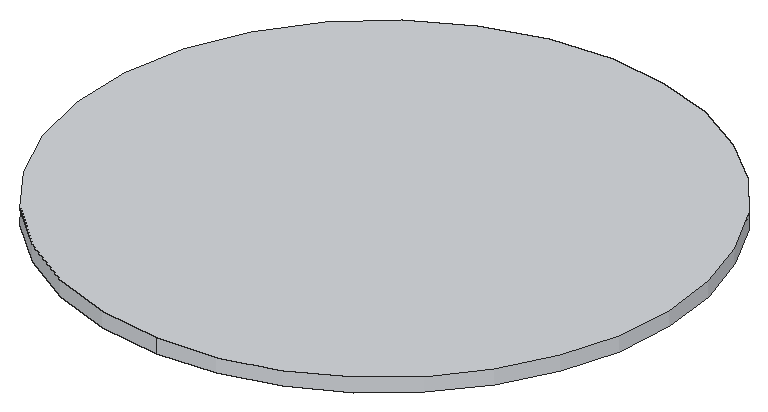
Revit family "FURN_Table_Circle_Glass", category Furniture, Revit 2024
Family settings
  OmniClass Number = 23.40.20.00
  OmniClass Title = General Furniture and Specialties
  Work Plane-Based = No
  Enable Cutting in Views = No
  Always vertical = Yes
  Cut with Voids When Loaded = No
  Render Appearance Source = Family Geometry
  Shared = No
  Room Calculation Point = No
Parameters (values of type "800mm Diamater_Glass Marks")
  Table Legs = no
  Radius = Diameter / 2  # 400 mm
  Leg_Width = Radius * 0.048639  # 19.456 mm
  Leg_Offset = Radius * 0.11639  # 46.555 mm
  Height = 500 mm
  Glass Marks = yes
  Foot_Width = Radius * 0.040533  # 16.213 mm
  Foot_Offset = Radius * 0.7348  # 293.92 mm
  Extra Ring = no
  EA_Repath [instance] = 0 mm
  Diameter = 800 mm
  Default Elevation = 0 mm
  Circle_Rad = Radius * 0.069485  # 27.794 mm
Types (6, lengths in mm): name | Table Legs | Radius | Leg_Width | Leg_Offset | Glass Marks | Foot_Width | Foot_Offset | Extra Ring | Diameter | Circle_Rad
  456mm Diameter_Legs | yes | 228 | 11.09 | 26.536 | no | 9.242 | 167.534 | no | 456 | 15.843
  346mm Diameter_Legs | yes | 173 | 8.415 | 20.135 | no | 7.012 | 127.12 | no | 346 | 12.021
  564mm Diameter_Legs | yes | 282 | 13.716 | 32.821 | no | 11.43 | 207.214 | no | 564 | 19.595
  690 Diamater_Legs | yes | 345 | 16.78 | 40.154 | no | 13.984 | 253.506 | no | 690 | 23.972
  800mm Diamater_Glass Marks | no | 400 | 19.456 | 46.555 | yes | 16.213 | 293.92 | no | 800 | 27.794
  1028 Diamater_Legs + Glass Marks + Extra Ring | yes | 514 | 25 | 59.823 | yes | 20.834 | 377.687 | yes | 1028 | 35.715
Reference planes
  plane 1 "Center (Front/Back)": y = 0
  plane 2: z = 0
  plane 3 "Center (Left/Right)": x = 0
  plane 4: y = 400
  plane 5: x = -16.213
  plane 6: x = 16.213
  plane 7: x = -19.456
  plane 8: x = 19.456
  plane 9: y = 16.213
  plane 10: y = 19.456
  plane 11: y = -19.456
  plane 12: y = -16.213
  plane 13: y = 293.92
  plane 14: y = -293.92
  plane 15: x = 293.92
  plane 16: x = -293.92
  plane 17: y = 46.555
  plane 18: x = 46.555
  plane 19: x = -46.555
  plane 20: y = -46.555
  plane 21: x = 27.794
  plane 22 "Surface": z = 500
  plane 23: y = 388.2
Forms (mm)
  Extrusion 1, solid
    sketch origin (-331.01, -1524, 500) x (-1, 0, 0) y (0, -1, 0)
      loop
        circle (-331.01, -1524) r 400
    from 0 to -20
Lines and regions (mm)
  symbolic lines, style "1Grey150 01", visible <- "Table Legs"
    curve 1: arc (16.213, 293.92, 0) -> (0, 310.133, 0) -> (-16.213, 293.92, 0) r 16.213
    curve 2: arc (-16.213, 293.92, 0) -> (0, 277.707, 0) -> (16.213, 293.92, 0) r 16.213
    curve 3: arc (-293.92, 16.213, 0) -> (-277.707, 0, 0) -> (-293.92, -16.213, 0) r 16.213
    curve 4: arc (-293.92, -16.213, 0) -> (-310.133, 0, 0) -> (-293.92, 16.213, 0) r 16.213
    curve 5: arc (-16.213, -293.92, 0) -> (0, -310.133, 0) -> (16.213, -293.92, 0) r 16.213
    curve 6: arc (16.213, -293.92, 0) -> (0, -277.707, 0) -> (-16.213, -293.92, 0) r 16.213
    curve 7: arc (293.92, -16.213, 0) -> (277.707, 0, 0) -> (293.92, 16.213, 0) r 16.213
    curve 8: arc (293.92, 16.213, 0) -> (310.133, 0, 0) -> (293.92, -16.213, 0) r 16.213
    curve 9: line (-293.92, 16.213, 0) -> (-46.555, 19.456, 0)
    curve 10: line (-293.92, -16.213, 0) -> (-46.555, -19.456, 0)
    curve 11: line (293.92, 16.213, 0) -> (46.555, 19.456, 0)
    curve 12: line (293.92, -16.213, 0) -> (46.555, -19.456, 0)
    curve 13: line (16.213, 293.92, 0) -> (19.456, 46.555, 0)
    curve 14: line (-16.213, 293.92, 0) -> (-19.456, 46.555, 0)
    curve 15: line (16.213, -293.92, 0) -> (19.456, -46.555, 0)
    curve 16: line (-16.213, -293.92, 0) -> (-19.456, -46.555, 0)
    curve 17: arc (-19.456, 46.555, 0) -> (-27.393, 27.393, 0) -> (-46.555, 19.456, 0) r 27.099
    curve 18: arc (19.456, 46.555, 0) -> (27.393, 27.393, 0) -> (46.555, 19.456, 0) r 27.099
    curve 19: arc (46.555, -19.456, 0) -> (27.393, -27.393, 0) -> (19.456, -46.555, 0) r 27.099
    curve 20: arc (-19.456, -46.555, 0) -> (-27.393, -27.393, 0) -> (-46.555, -19.456, 0) r 27.099
    curve 21: arc (27.794, 0, 0) -> (0, 27.794, 0) -> (-27.794, 0, 0) r 27.794
    curve 22: arc (-27.794, 0, 0) -> (0, -27.794, 0) -> (27.794, 0, 0) r 27.794
  symbolic lines, visible <- "Extra Ring"
    curve 23: arc (0, 388.2, 0) -> (-388.2, 0, 0) -> (0, -388.2, 0) r 388.2
    curve 24: arc (0, -388.2, 0) -> (388.2, 0, 0) -> (0, 388.2, 0) r 388.2
Dimensions and locks
  "Radius": plane 4 to plane 1 "Center (Front/Back)"
  "Foot_Offset": plane 1 "Center (Front/Back)" to plane 13
  "Foot_Offset": plane 14 to plane 1 "Center (Front/Back)"
  "Foot_Offset": plane 3 "Center (Left/Right)" to plane 15
  "Foot_Offset": plane 16 to plane 3 "Center (Left/Right)"
  "Leg_Offset": plane 1 "Center (Front/Back)" to plane 17
  "Leg_Offset": plane 20 to plane 1 "Center (Front/Back)"
  "Leg_Offset": plane 3 "Center (Left/Right)" to plane 18
  "Leg_Offset": plane 19 to plane 3 "Center (Left/Right)"
  "Foot_Width": plane 1 "Center (Front/Back)" to plane 9
  "Foot_Width": plane 12 to plane 1 "Center (Front/Back)"
  "Foot_Width": plane 5 to plane 3 "Center (Left/Right)"
  "Foot_Width": plane 3 "Center (Left/Right)" to plane 6
  "Leg_Width": plane 1 "Center (Front/Back)" to plane 10
  "Leg_Width": plane 1 "Center (Front/Back)" to plane 11
  "Leg_Width": plane 7 to plane 3 "Center (Left/Right)"
  "Leg_Width": plane 3 "Center (Left/Right)" to plane 8
  "Circle_Rad": plane 3 "Center (Left/Right)" to plane 21
  "Height": plane 22 "Surface" to plane 2
  locked: plane 4 to plane 23 at 11.8
  aligned and locked: level to plane 2
  aligned and locked: plane 3 "Center (Left/Right)" to Extrusion 1 sketch curve
  aligned and locked: plane 4 to Extrusion 1 sketch curve
  aligned and locked: curve 1 to plane 6
  aligned and locked: curve 1 to plane 13
  aligned and locked: curve 5 to plane 14
  aligned and locked: plane 6 to curve 5
  aligned and locked: plane 15 to curve 7
  aligned and locked: plane 16 to curve 9
  aligned and locked: plane 19 to curve 9
  aligned and locked: curve 9 to plane 10
  aligned and locked: plane 12 to curve 10
  aligned and locked: curve 10 to plane 16
  aligned and locked: curve 10 to plane 19
  aligned and locked: plane 11 to curve 10
  aligned and locked: curve 16 to plane 7
  aligned and locked: plane 20 to curve 16
  aligned and locked: curve 15 to plane 20
  aligned and locked: plane 8 to curve 15
  aligned and locked: curve 16 to plane 14
  aligned and locked: plane 14 to curve 15
  aligned and locked: curve 16 to plane 5
  aligned and locked: plane 15 to curve 12
  aligned and locked: curve 12 to plane 12
  aligned and locked: plane 9 to curve 11
  aligned and locked: plane 18 to curve 11
  aligned and locked: plane 18 to curve 12
  aligned and locked: plane 10 to curve 11
  aligned and locked: curve 12 to plane 11
  aligned and locked: plane 17 to curve 13
  aligned and locked: curve 14 to plane 17
  aligned and locked: plane 7 to curve 14
  aligned and locked: curve 13 to plane 8
  aligned and locked: plane 13 to curve 14
  aligned and locked: curve 13 to plane 13
  aligned and locked: curve 13 to plane 6
  aligned and locked: plane 5 to curve 14
  aligned and locked: plane 23 to curve 23
  aligned and locked: plane 3 "Center (Left/Right)" to curve 23
Automatic sketch dimensions
  Extrusion 1 sketch curve to Extrusion 1 sketch curve = 0 mm
  plane 1 "Center (Front/Back)" to Extrusion 1 sketch curve = 0 mm
  curve 21 to curve 24 = 0 mm
  curve 22 to curve 24 = 0 mm
  plane 1 "Center (Front/Back)" to curve 21 = 0 mm
  curve 2 to plane 5 = 0 mm
  curve 6 to plane 5 = 0 mm
  curve 21 to plane 21 = 0 mm
  plane 1 "Center (Front/Back)" to curve 4 = 0 mm
Nested families
  nested 1: "08_Glass Marks" at (-156.422, 146.8, 0), visible <- "Glass Marks", type "165 Wide"
  nested 2: "08_Glass Marks" at (154.705, -164.327, 0), visible <- "Glass Marks", type "165 Wide"
Definition of nested family "08_Glass Marks"
  Parameters (values of type "165 Wide")
    SM LINE = 0.5 * LG LINE  # 228.6 mm
    Offset = 44.45 mm
    LG LINE = 457.2 mm
  Types (2, lengths in mm): name | SM LINE | LG LINE
    4 1/2" Wide | 152.4 | 304.8
    165 Wide | 228.6 | 457.2
  Reference planes
    plane 1 "Center (Front/Back)": y = 0
    plane 2: z = 0
    plane 3 "Center (Left/Right)": x = 0
    plane 4: through (73.893, -29.855, 1219.2) normal (-0.3746, -0.9272, 0)
    plane 5: through (-57.09, -141.303, 1219.2) normal (-0.9272, 0.3746, 0)
    plane 6: through (-69.758, -54, 1219.2) normal (-0.9272, 0.3746, 0)
    plane 7: through (12.668, -87.303, 1219.2) normal (-0.9272, 0.3746, 0)
  Lines and regions (mm)
    detail lines, in view "Ref. Level"
      curve 1: line (-85.635, -211.954, 0) -> (85.635, 211.954, 0)
      curve 2: line (-1.604, -122.628, 0) -> (84.031, 89.326, 0)
      curve 3: line (-84.031, -89.326, 0) -> (1.604, 122.628, 0)
  Dimensions and locks
    equal spacing: curve 3, plane 4, curve 3
    equal spacing: curve 2, plane 4, curve 2
    "SM LINE": curve 3 to curve 3
    "SM LINE": curve 2 to curve 2
    equal spacing: curve 1, plane 4, curve 1
    "LG LINE": curve 1 to curve 1
    "Offset": plane 6 to plane 5
    "Offset": plane 5 to plane 7
    aligned and locked: curve 3 to plane 6
    aligned and locked: curve 1 to plane 5
    aligned and locked: curve 2 to plane 7
